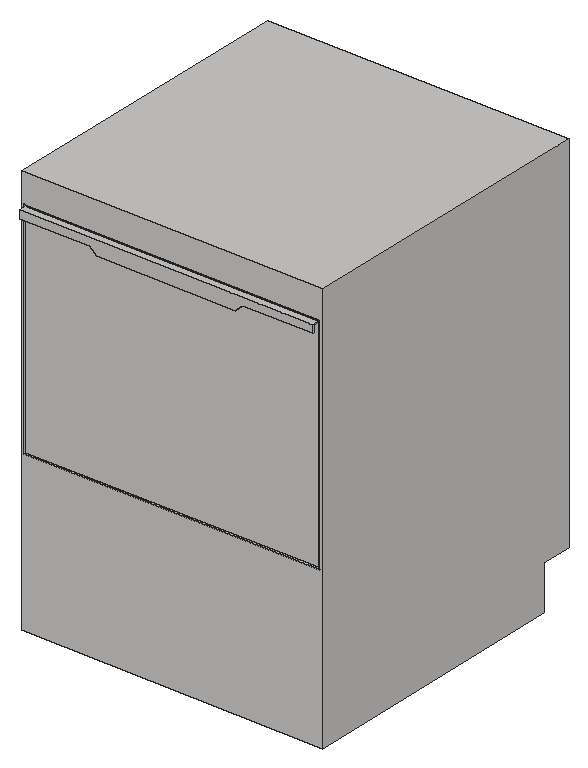
Revit family "QF_ELECTROLUXPROFESSIONAL_400212_EL3P", category Specialty Equipment, Revit 2018
Family settings
  Round Connector Dimension = Use Diameter
  Part Type = Normal
  Work Plane-Based = No
  Always vertical = Yes
  Cut with Voids When Loaded = No
  Shared = No
  Room Calculation Point = No
Parameters
  Weight = 54.00 kg
  Watts = 0 W
  Volts = 0 V
  URL Manufacturer = ""
  URL = "http://professional.electrolux.com/"
  Steam Supply Size = 0 mm
  Steam Supply Minimum Pressure = 0.0 Pa
  Steam Supply Maximum Pressure = 0.0 Pa
  Steam Pounds per Hour = 0
  Show Logo [instance] = yes
  Show Clearance [instance] = yes
  Refrigeration Suction Line Size = 0 mm
  Refrigeration Liquid Line Size = 0 mm
  Refrigerant Compressor Remote = yes
  Manufacturer = ""
  Phase = 0
  Model = ""
  Length Actual = 600 mm  # constant formula
  Item Number = ""
  Hot Water Size = 0 mm
  Height Actual = 820 mm  # constant formula
  HP = "7.2 HP"
  Gas Size = 0 mm
  Gas KW = 0
  Gas Input Pressure = 0 W
  Direct Waste Size = 20.5 mm
  Description = ""
  Depth Actual = 648 mm  # constant formula
  Cycle = 0 Hz
  Condensate Return Size = 0 mm
  Compressed Air Volume = 0.0 L/s
  Compressed Air Size = 0 mm
  Compressed Air Pressure = 0.0 Pa
  Cold Water Size = 0 mm
  Accessory = yes
Types (2, lengths in mm): name | Volts | URL Manufacturer | URL | Manufacturer | Phase | Model | Item Number | Hot Water Size | Description | Cycle
  (no name) | 0 V | "" | "http://professional.electrolux.com/" | "" | 0 | "" | "" | 0 | "" | 0 Hz
  Standard | 400 V | "http://professional.electrolux.com" | "http://professional.electrolux.com" | "Electrolux Professional" | 3 | "EL3P" | "400212" | 19.05 | "UNDERCOUNTER(L), 3PH, DRAIN PUMP, 540D/H" | 50 Hz
Reference planes
  plane 1 "Center (Front/Back)": y = 0
  plane 2: z = 0
  plane 3 "Center (Left/Right)": x = 0
  plane 4 "LEFT": x = -300
  plane 5 "RIGHT": x = 300
  plane 6 "FRONT": y = -306
  plane 7 "BACK": y = 306
  plane 8: x = -202.5
  plane 9: x = 202.5
  plane 10: z = 830
  plane 11: z = 10
Forms (mm)
  Extrusion 1, solid, material "QF_Finishes_Stainless Steel"
    sketch origin (0, 0, 0) x (1, 0, 0) y (0, 1, 0)
      loop
        line (-300, -306) -> (300, -306) -> (300, 245) -> (-300, 245) -> (-300, -306)
    from 10 to 830
  Extrusion 2, solid, material "QF_Finishes_Stainless Steel"
    sketch origin (0, 0, 0) x (1, 0, 0) y (0, 1, 0)
      loop
        line (-300, 245) -> (300, 245) -> (300, 306) -> (-300, 306) -> (-300, 245)
    from 100 to 830
  Extrusion 3, solid, material "QF_Finishes_Stainless Steel"
    sketch origin (0, 17.5, 0) x (1, 0, 0) y (0, 1, 0)
      loop
        circle (-254, 167.5) r 12.5
      loop
        circle (254, 167.5) r 12.5
      loop
        circle (-254, -263.5) r 12.5
      loop
        circle (254, -263.5) r 12.5
    from 0 to 10
  Extrusion 4, void
    sketch origin (-300, -306, 0) x (-1, 0, 0) y (0, 0, 1)
      loop
        line (-5, 773.217) -> (-595, 773.217) -> (-595, 327.335) -> (-5, 327.335) -> (-5, 773.217)
    from 0 to 30
  Extrusion 5, solid, material "QF_Finishes_Stainless Steel"
    sketch origin (-259, -389, 768) x (0, 0, -1) y (1, 0, 0)
      loop
        circle (693, 143) r 10
    from -634 to -695
  Extrusion 6, solid, material "QF_Door-Drawer Clearances", visible <- "Show Clearance", detail levels coarse
    sketch origin (-230, -282.5, 0) x (0, 1, 0) y (0, 0, -1)
      loop
        line (-23.5, -330.419) -> (-391.5, -330.419)
        arc (-391.5, -330.419) -> (-290.693, -619.855) -> (-23.5, -770) r 432.894
        line (-23.5, -770) -> (-23.5, -330.419)
    from 61.197 to -521.306
  Extrusion 7, solid, material "QF_Finishes_Stainless Steel"
    sketch origin (-315.481, -389, 738) x (0, 0, -1) y (1, 0, 0)
      loop
        circle (663, 252.481) r 8
    from -634 to -695
  Extrusion 8, solid, material "QF_Finishes_Stainless Steel"
    sketch origin (-230, -282.5, 0) x (0, 1, 0) y (0, 0, -1)
      loop
        line (-23.5, -330.419) -> (-23.5, -770) -> (1.5, -770) -> (1.5, -330.419) -> (-23.5, -330.419)
    from 61.197 to -521.306
  Extrusion 9, solid, material "QF_Finishes_Stainless Steel"
    sketch origin (-230, -297.5, 0) x (0, 1, 0) y (0, 0, -1)
      loop
        line (-8.5, -770) -> (-8.5, -767.514) -> (-21, -767.514) -> (-21, -741.25) -> (-23.5, -741.25) -> (-23.5, -770) -> (-8.5, -770)
    from 61.197 to -521.306
  Extrusion 10, void
    sketch origin (-230, -321, 770) x (0, 0, 1) y (1, 0, 0)
      loop
        line (-15.552, -61.197) -> (-15.552, 77.909) -> (-28.75, 91.107) -> (-28.75, -61.197) -> (-15.552, -61.197)
      loop
        line (-15.552, 521.197) -> (-28.75, 521.197) -> (-28.75, 368.893) -> (-15.552, 382.091) -> (-15.552, 521.197)
    from 0 to 2.5
  Extrusion 11, solid, material "QF_Finishes_Stainless Steel"
    sketch origin (-295.988, 885.897, 763.79) x (0, -1, 0) y (1, 0, 0)
      loop
        circle (611.5, 158) r 8
    from -663.79 to -673.79
Cuts and joins
  Extrusion 4 cuts Extrusion 1
  joined: Extrusion 1, Extrusion 2
  Extrusion 10 cuts Extrusion 8
  Extrusion 10 cuts Extrusion 9
Lines and regions (mm)
  Split face 1
    outline origin (-300, -306, 830) x (0, 0, -1) y (1, 0, 0)
      loop
        line (21.579, 283.75) -> (39.683, 283.75) -> (39.683, 316.25) -> (21.579, 316.25) -> (21.579, 283.75)
  Split face 2
    outline origin (-300, -306, 830) x (0, 0, -1) y (1, 0, 0)
      loop
        line (56.783, 595) -> (56.783, 600)
      loop
        arc (56.783, 412.5) -> (28.391, 440.891) -> (0, 412.5) r 28.391
  symbolic lines
    curve 1: line (-300, 306, 0) -> (300, 306, 0)
    curve 2: line (-300, -306, 0) -> (-300, 306, 0)
    curve 3: line (300, -306, 0) -> (-300, -306, 0)
    curve 4: line (300, 306, 0) -> (300, -306, 0)
    curve 9: line (-291.197, -306, 0) -> (-291.197, -321, 0)
    curve 10: line (291.306, -321, 0) -> (291.306, -306, 0)
    curve 11: line (-291.197, -321, 0) -> (291.306, -321, 0)
  symbolic lines, style "QF_Door-Drawer Clearances"
    curve 5: line (-291.197, -674, 0) -> (291.306, -674, 0)
    curve 6: line (291.306, -674, 0) -> (291.306, -306, 0)
    curve 7: line (-291.197, -674, 0) -> (-291.197, -306, 0)
  symbolic lines, style "SpecialityEquipmentHiddenLines"
    curve 8: line (-300, 245, 0) -> (300, 245, 0)
Dimensions and locks
  equal spacing: plane 4 "LEFT", plane 3 "Center (Left/Right)", plane 5 "RIGHT"
  equal spacing: plane 7 "BACK", plane 1 "Center (Front/Back)", plane 6 "FRONT"
  plane 7 "BACK" to plane 6 "FRONT" = 612 mm
  plane 4 "LEFT" to plane 5 "RIGHT" = 600 mm
  plane 4 "LEFT" to plane 8 = 97.5 mm
  plane 9 to plane 5 "RIGHT" = 97.5 mm
  plane 11 to level = 10 mm
  plane 4 "LEFT" to plane 3 "Center (Left/Right)" = 300 mm
  plane 10 to level = 830 mm  (x2)
  plane 8 to plane 9 = 405 mm
  Extrusion 11 sketch curve to plane 4 "LEFT" = 162.012 mm
  level to Extrusion 5 sketch curve = 75 mm
  Extrusion 5 sketch curve to plane 4 "LEFT" = 184 mm
  Extrusion 7 sketch curve to plane 4 "LEFT" = 237 mm
  level to Extrusion 7 sketch curve = 75 mm
  Extrusion 3 to cut or joined group of Extrusion 1, Extrusion 2, Extrusion 4 = 121 mm
  Extrusion 3 to Extrusion 3 = 431 mm
  plane 6 "FRONT" to Extrusion 3 = 60 mm
  plane 9 to plane 8 = 405 mm
  plane 7 "BACK" to curve 5 = 980 mm
  cut or joined group of Extrusion 1, Extrusion 2, Extrusion 4 to level = 327.335 mm
  aligned and locked: level to plane 2
  aligned and locked: Extrusion 1 sketch curve to plane 6 "FRONT"
  aligned and locked: Extrusion 1 sketch curve to plane 4 "LEFT"
  aligned and locked: plane 5 "RIGHT" to Extrusion 1 sketch curve
  aligned and locked: Extrusion 1 to plane 11
  aligned and locked: Extrusion 2 sketch curve to Extrusion 1
  aligned and locked: plane 5 "RIGHT" to Extrusion 2 sketch curve
  aligned and locked: plane 11 to Extrusion 3
  aligned and locked: cut or joined group of Extrusion 9, Extrusion 10 to Extrusion 10
Automatic sketch dimensions
  Extrusion 1 sketch curve to plane 7 "BACK" = 61 mm
  Extrusion 3 sketch curve to plane 8 = 51.5 mm  (x2)
  plane 9 to Extrusion 3 sketch curve = 51.5 mm  (x2)
  plane 6 "FRONT" to Extrusion 3 sketch curve = 60 mm  (x2)
  Extrusion 3 sketch curve to plane 7 "BACK" = 121 mm  (x2)
  Extrusion 4 sketch curve to Extrusion 1 = 5 mm  (x2)
  Extrusion 4 sketch curve to Extrusion 1 = 317.335 mm
  Extrusion 4 sketch curve to Extrusion 1 = 56.783 mm
  plane 6 "FRONT" to Extrusion 8 sketch curve = 0 mm
  Extrusion 8 sketch curve to Extrusion 8 sketch curve = 25 mm
  Extrusion 9 sketch curve to plane 6 "FRONT" = 15 mm
  Extrusion 9 sketch curve to Extrusion 9 sketch curve = 2.5 mm
  Extrusion 9 sketch curve to Extrusion 9 sketch curve = 12.5 mm
  Extrusion 9 sketch curve to plane 10 = 60 mm
  Extrusion 9 sketch curve to Extrusion 9 sketch curve = 2.486 mm
  Extrusion 9 sketch curve to Extrusion 9 sketch curve = 26.264 mm
  Extrusion 2 sketch curve to Extrusion 2 sketch curve = 61 mm
  Split face 1 sketch curve to cut or joined group of Extrusion 1, Extrusion 2, Extrusion 4 = 21.579 mm
  Split face 1 sketch curve to Split face 1 sketch curve = 18.104 mm
  Split face 1 sketch curve to cut or joined group of Extrusion 1, Extrusion 2, Extrusion 4 = 278.75 mm
  Split face 1 sketch curve to Split face 1 sketch curve = 32.5 mm
  plane 11 to Extrusion 8 sketch curve = 320.419 mm
  Extrusion 8 sketch curve to plane 10 = 60 mm
  Extrusion 10 sketch curve to Extrusion 9 = 0 mm  (x2)
  Extrusion 9 to Extrusion 10 sketch curve = 0 mm
  Extrusion 10 sketch curve to Extrusion 9 = 13.198 mm  (x2)
  Extrusion 10 sketch curve to Extrusion 9 = 139.107 mm
  Extrusion 10 sketch curve to Extrusion 10 sketch curve = 13.198 mm  (x2)
  Extrusion 10 sketch curve to Extrusion 9 = 152.413 mm
  Extrusion 10 sketch curve to Extrusion 9 = 0.109 mm
  curve 3 to plane 4 "LEFT" = 0 mm
  curve 7 to plane 6 "FRONT" = 0 mm
  curve 4 to plane 5 "RIGHT" = 0 mm
  curve 2 to plane 7 "BACK" = 0 mm
  plane 4 "LEFT" to curve 5 = 8.803 mm
  curve 5 to plane 5 "RIGHT" = 8.694 mm
  plane 4 "LEFT" to curve 11 = 8.803 mm
  curve 10 to plane 5 "RIGHT" = 8.694 mm
  curve 11 to plane 6 "FRONT" = 15 mm
  curve 8 to plane 7 "BACK" = 61 mm
  Extrusion 2 sketch curve to plane 7 "BACK" = 0 mm
  Split face 2 sketch curve to cut or joined group of Extrusion 1, Extrusion 2, Extrusion 4 = 0 mm  (x5)
  Split face 2 sketch curve to cut or joined group of Extrusion 1, Extrusion 2, Extrusion 4 = 182.5 mm
  Extrusion 11 sketch curve to plane 7 "BACK" = 31.603 mm
  Extrusion 6 sketch curve to plane 6 "FRONT" = 0 mm
  plane 6 "FRONT" to Extrusion 6 sketch curve = 64.74 mm
  plane 11 to Extrusion 6 sketch curve = 331.974 mm
  Extrusion 6 sketch curve to Extrusion 6 sketch curve = 11.555 mm
  Extrusion 6 sketch curve to plane 6 "FRONT" = 368 mm
  radius of Extrusion 5 sketch curve = 10 mm
  radius of Extrusion 7 sketch curve = 8 mm
  radius of Extrusion 3 sketch curve = 12.5 mm  (x4)
  radius of Extrusion 11 sketch curve = 8 mm
Connectors
  piping at (-116, 306, 75), diameter 20
    settings: on Extrusion 5, index 1, connector inside diameter 609.6 mm, connector length 0 mm, flow factor 0, pipe flow 0.0 L/s, pressure drop 0.0 Pa, fitting loss kfactor 0, connector angle 0.00°, fixture units 0, engagement length 0 mm, angle of deflection 0.00°, flow configuration 1, flow direction 1, fitting loss method 0, system type 16, joint type 0, gender type 0, connector reference index -1, connector utility 0, adjustable connector no, is connector primary yes, connector description "Drain"
  piping at (-63, 306, 75), diameter 16
    settings: on Extrusion 7, index 3, connector inside diameter 609.6 mm, connector length 0 mm, flow factor 0, pipe flow 0.0 L/s, pressure drop 0.0 Pa, fitting loss kfactor 0, connector angle 0.00°, fixture units 0, engagement length 0 mm, angle of deflection 0.00°, flow configuration 1, flow direction 1, fitting loss method 0, system type 20, joint type 0, gender type 0, connector reference index -1, connector utility 0, adjustable connector no, is connector primary no, connector description "Cold Water Inlet"
  electrical at (-137.988, 274.397, 90), driven by "Volts"
    settings: on Extrusion 11, index 4, voltage 0 V, apparent load 0 VA, apparent load phase1 0 VA, apparent load phase2 0 VA, apparent load phase3 0 VA, power factor 1, load classification "Altro", number of poles 1, system type 31, power factor state 1, is connector primary yes, connector utility no, sub classification motor no, connector description "Electrical Connection"
